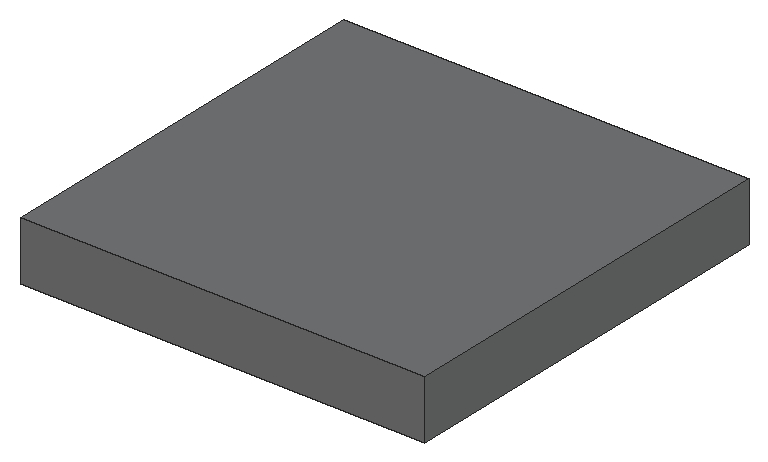
Revit family "Gira_086926", category Electrical Fixtures, host Face, Revit 2017
Family settings
  Host = Face
  Maintain Annotation Orientation = No
  Round Connector Dimension = Use Diameter
  Part Type = Normal
  Cut with Voids When Loaded = No
  Shared = No
  Room Calculation Point = No
Parameters (values of type "Cov. coax.antenna sock. System 55 c.alum.")
  URL = "http://katalog.gira.de/en/datenblatt.html?artikelnr=086926"
  Transparent = "No"
  Name = "Cov. coax.antenna sock. System 55 c.alum."
  Manufacturer URL = "https://www.gira.de/"
  Manufacturer = "Gira"
  Keynote = ""
  HeinzeBIM = "https://bimportal.heinze.de/bim/cov-coax-antenna-sock-system-55-c-alum-/3416dc6559f3bcdb36e47b3801f16c39a5d44fc9"
  HAN = "086926"
  GTIN = "4010337869269"
  Description = "Cov.coax Sys55 CAl,Cover for coaxial antenna socket,,colour aluminium,Features:,- Third hole can be broken out.,,Notes :,- For screw mounting only."
  Default Elevation = 1219.2 mm
  Data sheet (1) = "https://katalog.gira.de/en/download.html?artikelnr=086926"
  Category = "Insert/cover for communication technology"
  BIM (1) = "https://media.stage.bim.site/public/gira/36a6b08/Sys55_Abdeckung_Schalten und Tasten.rfa?public/gira/36a6b08/Sys55_Abdeckung_Schalten und Tasten.rfa"
  Available = "No"
  Anthrazit [instance] = Anthrazit
Reference planes
  plane 1 "Center (Front/Back)": y = 0
  plane 2: z = 0
  plane 3 "Center (Left/Right)": x = 0
Forms (mm)
  Extrusion 1, solid, material "Anthrazit" <- "Anthrazit", detail levels fine
    sketch origin (0, 0, 0) x (1, 0, 0) y (0, 1, 0)
      loop
        line (-27.5, 27.5) -> (-27.5, -27.5) -> (27.5, -27.5) -> (27.5, 27.5) -> (-27.5, 27.5)
    from 0 to 8
  Extrusion 2, void
    sketch origin (0, 0, 0) x (1, 0, 0) y (0, 1, 0)
      loop
        line (26, 26) -> (-26, 26) -> (-26, -26) -> (26, -26) -> (26, 26)
    from 0 to 6
  Extrusion 3, solid, material "Anthrazit" <- "Anthrazit", detail levels medium
    sketch origin (0, 0, 0) x (1, 0, 0) y (0, 1, 0)
      loop
        line (-27.5, 27.5) -> (-27.5, -27.5) -> (27.5, -27.5) -> (27.5, 27.5) -> (-27.5, 27.5)
    from 0 to 8
  Extrusion 4, solid, material "Anthrazit" <- "Anthrazit", detail levels medium
    sketch origin (0, 0, 0) x (1, 0, 0) y (0, 1, 0)
      loop
        line (11, -17.5) -> (11, 17.5) -> (-11, 17.5) -> (-11, -17.5) -> (11, -17.5)
    from -6 to 6
  Extrusion 5, solid, material "Anthrazit" <- "Anthrazit", detail levels fine
    sketch origin (0, 0, 0) x (1, 0, 0) y (0, 1, 0)
      loop
        line (11, 17.5) -> (-11, 17.5) -> (-11, 16.5) -> (11, 16.5) -> (11, 17.5)
      loop
        line (-11, -16.5) -> (-11, -17.5) -> (11, -17.5) -> (11, -16.5) -> (-11, -16.5)
    from -4 to 6
  Extrusion 6, solid, material "Anthrazit" <- "Anthrazit", detail levels fine
    sketch origin (0, 0, 0) x (1, 0, 0) y (0, 1, 0)
      loop
        arc (5, 9.347) -> (0, 10.6) -> (-5, 9.347) r 10.6
        line (-5, 9.347) -> (-5, -9.347)
        arc (-5, -9.347) -> (0, -10.6) -> (5, -9.347) r 10.6
        line (5, -9.347) -> (5, 9.347)
    from -6 to 6
  Extrusion 7, solid, material "Anthrazit" <- "Anthrazit", detail levels coarse
    sketch origin (0, 0, 0) x (1, 0, 0) y (0, 1, 0)
      loop
        line (-27.5, 27.5) -> (-27.5, -27.5) -> (27.5, -27.5) -> (27.5, 27.5) -> (-27.5, 27.5)
    from -6 to 8
Cuts and joins
  Extrusion 2 cuts Extrusion 1
Dimensions and locks
  aligned and locked: plane 2 to host face
  aligned and locked: level to host face
